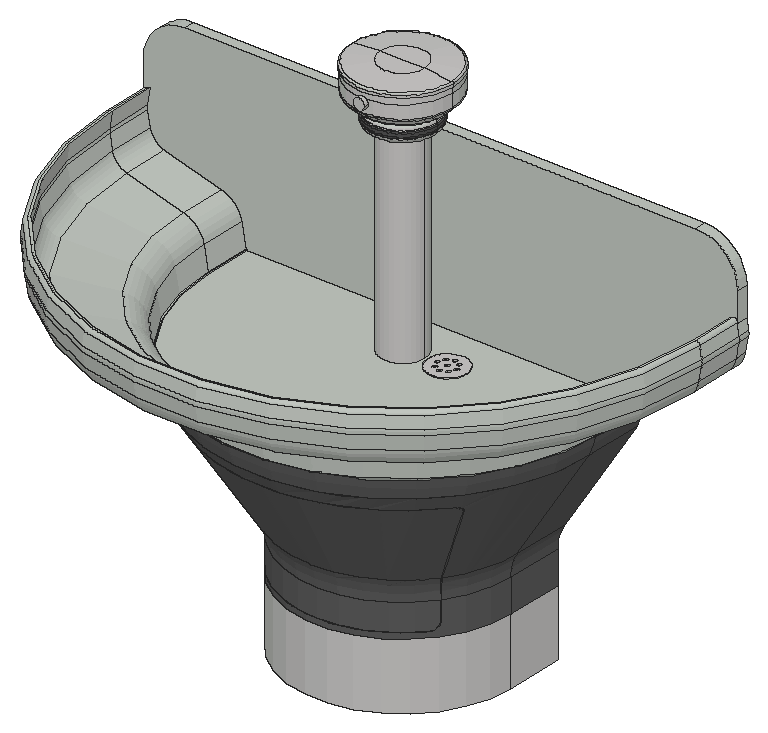
Revit family "Washfountain_Lavatory-Bradley_Corp-TDB3104-Type_B_Drain", category Plumbing Fixtures, Revit 2012 (continued)
Automatic sketch dimensions
  Masking region 10 sketch curve to Masking region 10 sketch curve = 0.05237"
  Masking region 10 sketch curve to Masking region 10 sketch curve = 0.04824"
  curve 76 to Masking region 10 sketch curve = 0.37547"
  Masking region 10 sketch curve to Masking region 10 sketch curve = 0.1256"
  Masking region 10 sketch curve to curve 76 = 6.000"
  Masking region 10 sketch curve to Masking region 10 sketch curve = 1.14812"
  Masking region 10 sketch curve to Masking region 10 sketch curve = 0.60673"
  Masking region 10 sketch curve to Masking region 10 sketch curve = 1.250"  (x3)
  Masking region 10 sketch curve to Masking region 10 sketch curve = 0.62453"
  Revolve 21 sketch curve to curve 93 = 0.000"
  curve 93 to Revolve 21 sketch curve = 2.34747"
  curve 93 to Revolve 21 sketch curve = 17.3806"
  Revolve 21 sketch curve to Revolve 21 sketch curve = 0.8244"
  curve 93 to Revolve 21 sketch curve = 4.14039"
  Revolve 21 sketch curve to Revolve 21 sketch curve = 0.6261"
  curve 93 to Revolve 21 sketch curve = 3.69531"
  Revolve 21 sketch curve to Revolve 21 sketch curve = 0.44508"
  Revolve 21 sketch curve to Revolve 21 sketch curve = 0.46258"
  Revolve 21 sketch curve to Revolve 21 sketch curve = 2.66242"
  Revolve 21 sketch curve to Revolve 21 sketch curve = 0.000"  (x2)
  Revolve 21 sketch curve to Revolve 21 sketch curve = 0.05225"
  Revolve 21 sketch curve to Revolve 21 sketch curve = 0.49985"
  Revolve 21 sketch curve to Revolve 21 sketch curve = 0.64475"
  curve 93 to Revolve 22 sketch curve = 0.33431"
  curve 93 to Revolve 22 sketch curve = 17.3806"
  Revolve 22 sketch curve to Revolve 22 sketch curve = 0.0755"
  curve 93 to Revolve 22 sketch curve = 0.19977"
  Revolve 22 sketch curve to Revolve 22 sketch curve = 0.12394"
  curve 93 to Revolve 22 sketch curve = 2.4951"
  Revolve 22 sketch curve to Revolve 22 sketch curve = 0.07322"  (x2)
  Revolve 22 sketch curve to Revolve 22 sketch curve = 0.17678"  (x2)
  Revolve 22 sketch curve to Revolve 22 sketch curve = 0.60355"
  Revolve 22 sketch curve to Revolve 22 sketch curve = 0.52145"
  Revolve 22 sketch curve to Revolve 22 sketch curve = 0.090"  (x2)
  Revolve 22 sketch curve to Revolve 22 sketch curve = 0.00375"  (x2)
  Revolve 22 sketch curve to Revolve 22 sketch curve = 0.345"  (x2)
  Revolve 22 sketch curve to curve 93 = 0.00105"
  Revolve 22 sketch curve to Revolve 22 sketch curve = 2.44356"
  Revolve 22 sketch curve to Revolve 22 sketch curve = 2.008"
  Revolve 22 sketch curve to Revolve 22 sketch curve = 0.000"  (x2)
  Revolve 22 sketch curve to Revolve 22 sketch curve = 0.59145"
  Revolve 22 sketch curve to Revolve 22 sketch curve = 0.11758"
  Revolve 22 sketch curve to Revolve 22 sketch curve = 0.3125"
  Revolve 22 sketch curve to Revolve 22 sketch curve = 0.10008"
  Revolve 22 sketch curve to Revolve 22 sketch curve = 0.780"
  Revolve 22 sketch curve to Revolve 22 sketch curve = 0.23564"
  Revolve 22 sketch curve to Revolve 22 sketch curve = 1.250"
  curve 78 to Extrusion 24 sketch curve = 17.88289"
  Extrusion 24 sketch curve to Extrusion 24 sketch curve = 0.30809"  (x2)
  Extrusion 24 sketch curve to Extrusion 24 sketch curve = 11.61805"
  Masking region 12 sketch curve to curve 76 = 0.000"
  curve 76 to Masking region 12 sketch curve = 0.06766"
  curve 76 to Masking region 12 sketch curve = 0.24582"
  Masking region 12 sketch curve to Masking region 12 sketch curve = 4.00418"
  Masking region 12 sketch curve to Masking region 12 sketch curve = 3.89922"
  Masking region 12 sketch curve to Masking region 12 sketch curve = 0.36971"
  curve 76 to Masking region 12 sketch curve = 6.000"
  Masking region 12 sketch curve to curve 76 = 6.000"
  Masking region 12 sketch curve to curve 76 = 8.336"
  Revolve 26 sketch curve to plane 3 "Center (Left/Right)" = 0.000"  (x2)
  Revolve 26 sketch curve to plane 3 "Center (Left/Right)" = 5.80902"
  Revolve 26 sketch curve to Revolve 26 sketch curve = 0.30809"
  plane 8 "Sensor Module" to Revolve 26 sketch curve = 1.125"
  plane 7 "Soap Dispenser" to Revolve 26 sketch curve = 2.000"
  Masking region 13 sketch curve to curve 78 = 0.000"
  curve 78 to Masking region 13 sketch curve = 17.82127"
  Masking region 13 sketch curve to Masking region 13 sketch curve = 0.36971"  (x2)
  Masking region 13 sketch curve to Masking region 13 sketch curve = 3.80902"  (x2)
  Masking region 13 sketch curve to Masking region 13 sketch curve = 4.000"
  Masking region 13 sketch curve to Masking region 13 sketch curve = 2.336"
  curve 78 to Masking region 14 sketch curve = 0.0051"
  curve 78 to Masking region 14 sketch curve = 1.000"
  Masking region 14 sketch curve to Masking region 14 sketch curve = 0.12469"
  Masking region 14 sketch curve to Masking region 14 sketch curve = 0.04799"  (x2)
  Masking region 14 sketch curve to Masking region 14 sketch curve = 0.05262"  (x4)
  Masking region 14 sketch curve to Masking region 14 sketch curve = 0.06777"  (x2)
  Masking region 14 sketch curve to Masking region 14 sketch curve = 1.97625"
  Masking region 14 sketch curve to Masking region 14 sketch curve = 1.96945"
  Masking region 14 sketch curve to Masking region 14 sketch curve = 1.83957"
  Masking region 14 sketch curve to Masking region 14 sketch curve = 4.000"
  Masking region 14 sketch curve to Masking region 14 sketch curve = 1.85542"
  Masking region 14 sketch curve to Masking region 14 sketch curve = 2.18569"
  Masking region 14 sketch curve to Masking region 14 sketch curve = 1.9536"
  Masking region 14 sketch curve to Masking region 14 sketch curve = 0.1256"
  Masking region 14 sketch curve to Masking region 14 sketch curve = 0.64327"
  curve 78 to Masking region 14 sketch curve = 1.64327"
  Masking region 14 sketch curve to Masking region 14 sketch curve = 1.250"  (x6)
  Masking region 14 sketch curve to Masking region 14 sketch curve = 0.60673"  (x2)
  Masking region 14 sketch curve to Masking region 14 sketch curve = 0.69646"
  Masking region 14 sketch curve to Masking region 14 sketch curve = 1.19222"
  Masking region 14 sketch curve to Masking region 14 sketch curve = 1.63954"
  Masking region 14 sketch curve to Masking region 14 sketch curve = 0.64012"
  curve 78 to curve 86 = 0.375"
  curve 78 to curve 86 = 17.84438"
  curve 86 to curve 87 = 0.1256"
  curve 87 to curve 88 = 0.04799"
  curve 88 to curve 89 = 0.05262"
  curve 89 to curve 90 = 0.05262"
  curve 90 to curve 91 = 0.06777"
  curve 91 to curve 92 = 3.80902"
  curve 92 to curve 92 = 4.000"
  curve 92 to curve 91 = 3.82464"
  curve 91 to curve 90 = 0.05216"
  curve 90 to curve 89 = 0.05262"
  curve 89 to curve 88 = 0.05262"
  curve 88 to curve 87 = 0.04799"
  curve 87 to curve 86 = 0.1256"
  curve 87 to curve 86 = 0.625"
  curve 88 to curve 87 = 0.64327"
  curve 89 to curve 88 = 1.250"
  curve 90 to curve 89 = 1.250"
  curve 91 to curve 90 = 1.250"
  curve 92 to curve 91 = 0.60673"
  curve 117 to curve 123 = 6.03209"
  curve 117 to curve 123 = 0.1374"
  curve 122 to curve 120 = 1.91103"
  curve 118 to plane 11 "Pedestal Height" = 4.11066"
  curve 120 to curve 121 = 3.37372"
  curve 121 to curve 118 = 0.4143"
  curve 123 to curve 118 = 0.32395"
  curve 122 to curve 118 = 8.23389"
  curve 121 to curve 122 = 1.64456"
  curve 121 to curve 121 = 0.15272"
  curve 75 to curve 126 = 14.06648"
  curve 38 to curve 37 = 0.48269"
  curve 28 to curve 32 = 2.97915"
  curve 32 to curve 32 = 3.28041"
  plane 3 "Center (Left/Right)" to curve 36 = 7.33372"
  curve 128 to curve 87 = 0.08709"
  curve 87 to curve 129 = 0.08709"
  Extrusion 18 sketch curve to Extrusion 18 sketch curve = 2.250"
  curve 26 to Extrusion 18 = 0.000"  (x3)
  curve 130 to Extrusion 18 = 2.60156"
  curve 130 to curve 130 = 1.000"
  Extrusion 18 to curve 130 = 1.95703"
  curve 27 to Extrusion 19 = 0.000"  (x3)
  curve 131 to Extrusion 19 = 2.60156"
  curve 131 to curve 131 = 1.000"
  Extrusion 19 to curve 131 = 1.95703"
  curve 115 to curve 125 = 0.750"
  curve 115 to curve 116 = 13.81241"
  curve 115 to curve 116 = 13.97075"
  curve 116 to curve 125 = 7.08673"
  curve 115 to curve 116 = 13.19587"
  curve 116 to curve 116 = 0.80228"
  curve 132 to curve 116 = 3.000"
  Extrusion 27 sketch curve to plane 3 "Center (Left/Right)" = 0.000"
  plane 1 "Center (Front/Back)" to Extrusion 27 sketch curve = 5.250"
  Masking region 21 sketch curve to plane 1 "Center (Front/Back)" = 0.000"
  Masking region 21 sketch curve to plane 3 "Center (Left/Right)" = 0.000"
  Masking region 21 sketch curve to plane 5 "Right" = 0.0193"
  Masking region 21 sketch curve to Masking region 21 sketch curve = 5.250"
  Masking region 22 sketch curve to plane 3 "Center (Left/Right)" = 0.000"
  plane 1 "Center (Front/Back)" to Masking region 22 sketch curve = 0.6745"
  Masking region 22 sketch curve to Masking region 22 sketch curve = 4.5755"
  Masking region 23 sketch curve to plane 3 "Center (Left/Right)" = 3.52868"
  Masking region 23 sketch curve to plane 3 "Center (Left/Right)" = 9.02868"
  Masking region 23 sketch curve to plane 3 "Center (Left/Right)" = 0.06458"
  Masking region 23 sketch curve to Masking region 23 sketch curve = 2.000"  (x3)
  plane 3 "Center (Left/Right)" to Masking region 23 sketch curve = 0.06458"
  plane 3 "Center (Left/Right)" to Masking region 23 sketch curve = 3.52868"
  plane 1 "Center (Front/Back)" to Masking region 23 sketch curve = 2.11186"  (x2)
  Masking region 23 sketch curve to Masking region 23 sketch curve = 3.4641"
  Masking region 23 sketch curve to Masking region 23 sketch curve = 3.57574"
  Masking region 23 sketch curve to Masking region 23 sketch curve = 0.11164"  (x2)
  Masking region 23 sketch curve to plane 3 "Center (Left/Right)" = 0.000"
  plane 1 "Center (Front/Back)" to Masking region 23 sketch curve = 5.250"
  plane 1 "Center (Front/Back)" to Masking region 23 sketch curve = 2.04741"
  curve 151 to plane 3 "Center (Left/Right)" = 1.58013"
  plane 1 "Center (Front/Back)" to curve 151 = 2.98686"
  curve 151 to plane 3 "Center (Left/Right)" = 7.08013"
  curve 151 to curve 151 = 9.52628"
  curve 152 to plane 3 "Center (Left/Right)" = 0.06458"
  plane 1 "Center (Front/Back)" to curve 152 = 2.11186"
  curve 152 to curve 151 = 1.51554"
  curve 152 to curve 151 = 0.875"
  plane 3 "Center (Left/Right)" to curve 153 = 0.06458"
  plane 1 "Center (Front/Back)" to curve 153 = 2.11186"
  plane 3 "Center (Left/Right)" to curve 153 = 5.56458"
  curve 153 to curve 152 = 0.000"
  plane 1 "Center (Front/Back)" to curve 154 = 2.98686"
  curve 154 to curve 153 = 1.51554"
  plane 3 "Center (Left/Right)" to curve 154 = 1.58013"
  curve 153 to curve 154 = 0.875"
  Masking region 24 sketch curve to plane 3 "Center (Left/Right)" = 6.17873"
  plane 1 "Center (Front/Back)" to Masking region 24 sketch curve = 3.06766"
  Masking region 24 sketch curve to plane 3 "Center (Left/Right)" = 0.000"
  Masking region 24 sketch curve to Masking region 24 sketch curve = 2.27254"
  plane 1 "Center (Front/Back)" to curve 155 = 3.06766"
  curve 155 to curve 155 = 2.27254"
  curve 156 to plane 3 "Center (Left/Right)" = 0.000"
  curve 156 to curve 156 = 4.17808"
  curve 157 to curve 156 = 2.27254"
  Masking region 15 sketch curve to curve 93 = 0.000"
  curve 93 to Masking region 15 sketch curve = 17.3806"
  Masking region 15 sketch curve to Masking region 15 sketch curve = 0.8244"  (x3)
  curve 93 to Masking region 15 sketch curve = 4.64024"
  Masking region 15 sketch curve to Masking region 15 sketch curve = 0.6261"  (x2)
  curve 93 to Masking region 15 sketch curve = 3.69531"  (x2)
  Masking region 15 sketch curve to Masking region 15 sketch curve = 0.44508"  (x2)
  Masking region 15 sketch curve to Masking region 15 sketch curve = 0.46258"
  curve 93 to Masking region 15 sketch curve = 5.10281"
  Masking region 15 sketch curve to Masking region 15 sketch curve = 0.67992"  (x2)
  Masking region 15 sketch curve to Masking region 15 sketch curve = 4.000"
  Masking region 15 sketch curve to Masking region 15 sketch curve = 0.66242"
  curve 93 to Masking region 15 sketch curve = 4.14039"
  curve 93 to Masking region 15 sketch curve = 2.34747"
  Masking region 15 sketch curve to Masking region 15 sketch curve = 0.49985"  (x2)
  Masking region 15 sketch curve to Masking region 15 sketch curve = 0.96851"
  Masking region 15 sketch curve to Masking region 15 sketch curve = 0.52344"
  curve 93 to Masking region 25 sketch curve = 19.9561"
  Masking region 25 sketch curve to Masking region 25 sketch curve = 4.000"
  curve 93 to Masking region 25 sketch curve = 13.414"
  Masking region 25 sketch curve to Masking region 25 sketch curve = 8.31119"
  Masking region 26 sketch curve to plane 9 "Spray Head" = 1.40781"
  plane 1 "Center (Front/Back)" to Masking region 26 sketch curve = 7.250"
  plane 1 "Center (Front/Back)" to Masking region 26 sketch curve = 3.250"
  Masking region 26 sketch curve to Masking region 26 sketch curve = 8.31119"
  curve 78 to Extrusion 23 sketch curve = 0.375"  (x2)
  curve 78 to Extrusion 23 sketch curve = 17.84438"
  Extrusion 23 sketch curve to Extrusion 23 sketch curve = 0.1256"  (x2)
  Extrusion 23 sketch curve to Extrusion 23 sketch curve = 0.04799"  (x2)
  Extrusion 23 sketch curve to Extrusion 23 sketch curve = 0.05262"  (x4)
  Extrusion 23 sketch curve to Extrusion 23 sketch curve = 0.06777"  (x2)
  Extrusion 23 sketch curve to curve 78 = 0.000"
  Extrusion 23 sketch curve to Extrusion 23 sketch curve = 1.97754"
  Extrusion 23 sketch curve to Extrusion 23 sketch curve = 2.0248"  (x2)
  Extrusion 23 sketch curve to Extrusion 23 sketch curve = 7.56845"
  Extrusion 23 sketch curve to Extrusion 23 sketch curve = 0.39386"
  Extrusion 23 sketch curve to Extrusion 23 sketch curve = 0.60673"  (x2)
  Extrusion 23 sketch curve to Extrusion 23 sketch curve = 1.250"  (x6)
  Extrusion 23 sketch curve to Extrusion 23 sketch curve = 0.625"
  Extrusion 23 sketch curve to Extrusion 23 sketch curve = 0.64327"
  curve 163 to plane 13 = 0.000"
  curve 78 to plane 1 "Center (Front/Back)" = 0.000"
  curve 78 to plane 4 "Left" = 0.000"
  curve 163 to plane 4 "Left" = 0.000"
  plane 4 "Left" to curve 78 = 3.000"
  curve 163 to curve 163 = 5.000"
  curve 76 to curve 163 = 2.3402"
  Revolve 25 sketch curve to curve 163 = 0.000"
  curve 163 to Revolve 25 sketch curve = 15.84438"
  Revolve 25 sketch curve to Revolve 25 sketch curve = 0.1256"
  Revolve 25 sketch curve to Revolve 25 sketch curve = 0.04799"
  Revolve 25 sketch curve to Revolve 25 sketch curve = 0.05262"  (x2)
  Revolve 25 sketch curve to Revolve 25 sketch curve = 0.06777"
  Revolve 25 sketch curve to Revolve 25 sketch curve = 1.97754"
  Revolve 25 sketch curve to Revolve 25 sketch curve = 2.0248"
  Revolve 25 sketch curve to Revolve 25 sketch curve = 4.17808"
  Revolve 25 sketch curve to Revolve 25 sketch curve = 0.000"
  Revolve 25 sketch curve to Revolve 25 sketch curve = 4.31808"
  Revolve 25 sketch curve to Revolve 25 sketch curve = 0.60673"
  Revolve 25 sketch curve to Revolve 25 sketch curve = 1.250"  (x2)
  Revolve 25 sketch curve to Revolve 25 sketch curve = 0.64327"
  Revolve 25 sketch curve to curve 163 = 3.000"
  curve 123 to curve 123 = 0.88737"
  curve 121 to curve 119 = 0.80829"
  curve 76 to curve 79 = 0.06766"
  curve 76 to curve 84 = 0.06766"
  curve 76 to curve 80 = 0.06766"
  curve 76 to curve 83 = 0.06766"
  curve 76 to curve 81 = 0.06766"
  curve 76 to curve 82 = 0.06766"
  curve 76 to curve 85 = 0.24582"
  curve 85 to curve 85 = 4.00418"
  curve 85 to curve 84 = 3.89922"
  curve 84 to curve 83 = 0.06777"
  curve 83 to curve 82 = 0.05262"
  curve 82 to curve 81 = 0.05237"
  curve 81 to curve 79 = 0.13532"
  curve 79 to curve 80 = 0.03851"
  curve 85 to curve 76 = 6.000"
  curve 85 to curve 84 = 0.60673"
  curve 84 to curve 83 = 1.250"
  curve 83 to curve 82 = 1.250"
  curve 82 to curve 81 = 1.250"
  curve 79 to curve 76 = 1.000"
  curve 76 to curve 80 = 0.37547"
  curve 75 to curve 126 = 13.80112"
  curve 126 to curve 126 = 6.43074"
  curve 75 to curve 126 = 11.80099"
  curve 126 to curve 126 = 0.51104"
  curve 70 to curve 74 = 0.000"
  curve 71 to curve 74 = 0.000"
  curve 74 to curve 70 = 16.43542"
  curve 70 to curve 72 = 3.56458"
  curve 72 to curve 73 = 4.000"
  curve 73 to curve 71 = 3.56458"
  curve 72 to curve 72 = 12.56207"
  curve 73 to curve 71 = 1.1875"
  curve 72 to curve 70 = 1.1875"
  curve 164 to curve 74 = 0.000"
  curve 165 to curve 74 = 0.000"
  curve 166 to curve 72 = 0.000"
  curve 72 to curve 164 = 0.000"
  curve 73 to curve 167 = 0.000"
  curve 165 to curve 73 = 0.000"
  curve 165 to curve 73 = 0.500"
  curve 70 to curve 171 = 1.06293"
  curve 169 to curve 168 = 0.500"
  curve 167 to curve 167 = 0.6875"
  curve 166 to curve 166 = 0.6875"
  Extrusion 28 sketch curve to plane 3 "Center (Left/Right)" = 5.45295"
  Extrusion 28 sketch curve to plane 3 "Center (Left/Right)" = 0.06458"
  plane 1 "Center (Front/Back)" to Extrusion 28 sketch curve = 2.11186"  (x2)
  Extrusion 28 sketch curve to Extrusion 28 sketch curve = 0.11164"  (x2)
  plane 3 "Center (Left/Right)" to Extrusion 28 sketch curve = 0.06458"
  plane 1 "Center (Front/Back)" to Extrusion 28 sketch curve = 2.04741"
  Extrusion 28 sketch curve to plane 3 "Center (Left/Right)" = 0.000"
  Extrusion 28 sketch curve to plane 13 = 0.0902"
  Extrusion 28 sketch curve to Extrusion 28 sketch curve = 2.000"
  Masking region 6 sketch curve to curve 23 = 0.000"  (x2)
  curve 23 to Masking region 6 sketch curve = 1.375"  (x2)
  Masking region 6 sketch curve to curve 23 = 27.16612"
  Masking region 6 sketch curve to Masking region 6 sketch curve = 1.94856"  (x2)
  Masking region 6 sketch curve to Masking region 6 sketch curve = 3.4641"
  Masking region 6 sketch curve to Masking region 6 sketch curve = 3.56458"  (x2)
  Masking region 6 sketch curve to Masking region 6 sketch curve = 4.000"  (x2)
  Masking region 6 sketch curve to curve 23 = 14.625"
  Masking region 6 sketch curve to Masking region 6 sketch curve = 13.250"
  Masking region 6 sketch curve to Masking region 6 sketch curve = 0.6875"
  Masking region 6 sketch curve to Masking region 6 sketch curve = 0.000"
  Masking region 6 sketch curve to Masking region 6 sketch curve = 1.000"
  Masking region 6 sketch curve to Masking region 6 sketch curve = 5.08013"  (x2)
  Masking region 6 sketch curve to curve 23 = 4.396"
  Masking region 11 sketch curve to curve 77 = 0.000"  (x2)
  curve 77 to Masking region 11 sketch curve = 2.11186"
  Masking region 11 sketch curve to curve 77 = 1.750"
  curve 77 to Masking region 11 sketch curve = 2.250"  (x2)
  Masking region 11 sketch curve to Masking region 11 sketch curve = 5.26314"
  Masking region 11 sketch curve to curve 77 = 1.375"
  Masking region 11 sketch curve to Masking region 11 sketch curve = 1.125"
  Masking region 11 sketch curve to curve 77 = 4.396"
  curve 77 to Masking region 11 sketch curve = 14.625"
  Masking region 11 sketch curve to Masking region 11 sketch curve = 0.6875"
  curve 77 to Masking region 11 sketch curve = 15.3125"
  Masking region 11 sketch curve to Masking region 11 sketch curve = 1.13814"
  Masking region 11 sketch curve to Masking region 11 sketch curve = 1.000"
  Masking region 11 sketch curve to Masking region 11 sketch curve = 2.000"
  curve 55 to curve 41 = 0.000"
  curve 42 to curve 41 = 1.375"
  curve 41 to curve 42 = 15.10875"
  curve 45 to curve 68 = 0.000"
  curve 42 to curve 64 = 0.97689"
  curve 65 to curve 64 = 0.000"  (x2)
  curve 42 to curve 56 = 1.19195"
  curve 56 to curve 57 = 0.55422"
  curve 58 to curve 41 = 0.28075"
  curve 57 to curve 58 = 0.55422"
  curve 58 to curve 57 = 0.10867"
  curve 45 to curve 68 = 2.750"
  curve 59 to curve 68 = 0.41612"
  curve 59 to curve 59 = 0.10867"
  curve 59 to curve 59 = 0.55422"  (x2)
  curve 58 to curve 55 = 0.72769"
  curve 44 to curve 54 = 1.52868"
  curve 55 to curve 43 = 0.41987"
  curve 54 to curve 46 = 1.93542"
  curve 47 to curve 48 = 0.12917"
  curve 48 to curve 51 = 1.51554"
  curve 51 to curve 55 = 0.41987"
  curve 48 to curve 54 = 1.93542"
  curve 55 to curve 61 = 0.6198"
  curve 61 to curve 61 = 0.10868"
  curve 61 to curve 61 = 0.55428"
  curve 54 to curve 49 = 1.52868"
  curve 69 to curve 60 = 0.30835"
  curve 69 to curve 67 = 0.97815"
  curve 66 to curve 67 = 0.000"  (x2)
  curve 49 to curve 69 = 2.750"
  curve 63 to curve 41 = 0.28109"
  curve 69 to curve 63 = 0.45004"
  curve 63 to curve 63 = 0.55428"  (x2)
  curve 63 to curve 63 = 0.10868"
  curve 69 to curve 53 = 2.750"
  curve 58 to curve 57 = 0.04026"
  curve 61 to curve 61 = 0.04027"
  curve 62 to curve 69 = 1.09391"
  curve 69 to curve 67 = 2.59985"
  curve 42 to curve 64 = 2.60219"
  curve 66 to curve 66 = 2.000"
  curve 67 to curve 66 = 0.000"
  curve 64 to curve 65 = 2.000"
  curve 64 to curve 65 = 0.000"
  curve 66 to curve 69 = 6.90015"
  curve 64 to curve 68 = 7.14781"
  curve 69 to curve 49 = 1.750"
  curve 68 to curve 45 = 1.500"
  curve 49 to curve 49 = 0.6875"
  curve 136 to curve 77 = 0.000"
  curve 77 to curve 133 = 2.11186"
  curve 136 to curve 77 = 2.01314"
  curve 133 to curve 144 = 1.13814"
  curve 134 to curve 77 = 0.88814"
  curve 141 to curve 77 = 0.8822"
  curve 141 to curve 142 = 0.39728"
  curve 141 to curve 77 = 0.16493"
  curve 77 to curve 140 = 0.15505"
  curve 77 to curve 139 = 0.8067"
  curve 77 to curve 144 = 2.250"
  curve 144 to curve 138 = 1.625"
  curve 142 to curve 77 = 0.28075"
  curve 142 to curve 138 = 2.19381"
  curve 143 to curve 143 = 0.31998"  (x2)
  curve 143 to curve 143 = 0.39728"
  curve 138 to curve 134 = 4.76314"
  curve 141 to curve 141 = 0.17192"
  curve 143 to curve 137 = 0.48399"
  curve 77 to curve 139 = 3.97656"
  curve 77 to curve 139 = 4.97656"
  curve 77 to curve 138 = 12.875"
  curve 138 to curve 134 = 1.750"
  curve 133 to curve 144 = 0.6875"
  curve 133 to curve 144 = 0.000"
  curve 127 to plane 10 "Rim Height" = 0.000"
  curve 146 to plane 3 "Center (Left/Right)" = 0.000"
  curve 161 to plane 3 "Center (Left/Right)" = 0.000"
  plane 11 "Pedestal Height" to curve 146 = 1.2109"  (x2)
  curve 146 to plane 5 "Right" = 7.26529"
  curve 161 to curve 146 = 0.15796"
  curve 127 to plane 5 "Right" = 0.19211"
  plane 4 "Left" to curve 127 = 0.19211"
  curve 146 to curve 162 = 2.89551"
  curve 161 to curve 146 = 142.79964"
  curve 124 to plane 1 "Center (Front/Back)" = 0.000"
  curve 145 to plane 6 "Towel Dispenser" = 0.000"
  curve 145 to plane 13 = 2.0902"
  plane 13 to curve 145 = 1.9098"
  curve 111 to plane 9 "Spray Head" = 0.44508"
  plane 13 to curve 111 = 2.9448"
  curve 111 to curve 111 = 0.090"
  plane 13 to curve 124 = 9.6598"
  level to curve 124 = 6.020"
  curve 117 to plane 12 = 10.9722"
  curve 122 to curve 123 = 1.80577"
  plane 13 to Masking region 9 sketch curve = 9.6598"
  Masking region 9 sketch curve to plane 12 = 10.10815"
  plane 7 "Soap Dispenser" to curve 161 = 99.72413"
  Extrusion 8 sketch curve to plane 3 "Center (Left/Right)" = 0.000"
  Extrusion 8 sketch curve to plane 13 = 0.0902"
  plane 4 "Left" to Extrusion 8 sketch curve = 9.50758"
  Extrusion 8 sketch curve to plane 13 = 0.09385"
  plane 3 "Center (Left/Right)" to Extrusion 8 sketch curve = 4.000"
  plane 1 "Center (Front/Back)" to Extrusion 8 sketch curve = 0.99695"
  curve 148 to curve 159 = 0.000"  (x2)
  curve 172 to curve 173 = 0.000"  (x2)
  curve 172 to curve 174 = 0.000"  (x2)
  curve 148 to plane 3 "Center (Left/Right)" = 0.000"
  curve 172 to plane 13 = 0.09385"
  curve 160 to plane 13 = 0.0902"
  curve 160 to plane 5 "Right" = 10.57205"
  curve 150 to plane 5 "Right" = 0.5193"
  curve 147 to plane 5 "Right" = 0.0193"
  plane 4 "Left" to curve 147 = 0.0193"
  plane 1 "Center (Front/Back)" to curve 149 = 0.99695"
  curve 177 to plane 13 = 0.09385"
  curve 181 to plane 13 = 0.09385"
  plane 3 "Center (Left/Right)" to curve 177 = 4.87771"
  curve 177 to curve 178 = 0.25708"
  curve 177 to curve 176 = 0.25708"
  curve 176 to curve 172 = 0.62063"
  curve 176 to curve 175 = 0.62063"
  curve 178 to curve 179 = 0.62063"
  curve 179 to curve 180 = 0.62063"
  curve 175 to curve 182 = 0.62063"
  curve 182 to curve 181 = 0.25708"
  curve 175 to curve 172 = 0.87771"
  curve 176 to curve 177 = 0.62063"
  curve 182 to curve 181 = 0.62063"
  plane 13 to curve 178 = 0.52678"
  plane 13 to curve 180 = 0.52678"
  curve 180 to curve 179 = 0.25708"
  Split face 3 sketch curve to cut or joined group of Extrusion 23, Revolve 25 = 0.000"  (x3)
  Revolve 31 sketch curve to curve 163 = 0.000"
  Revolve 31 sketch curve to Revolve 31 sketch curve = 0.000"
  curve 163 to Revolve 31 sketch curve = 1.000"
  Revolve 31 sketch curve to Revolve 31 sketch curve = 6.11711"
  Revolve 31 sketch curve to Revolve 31 sketch curve = 0.06162"
  Revolve 31 sketch curve to Revolve 31 sketch curve = 1.09645"
  Revolve 31 sketch curve to curve 163 = 1.30227"
  Extrusion 32 sketch curve to curve 163 = 0.000"
  curve 163 to Extrusion 32 sketch curve = 15.82127"
  Extrusion 32 sketch curve to Extrusion 32 sketch curve = 0.06162"  (x2)
  Extrusion 32 sketch curve to Extrusion 32 sketch curve = 12.23423"
  curve 93 to Extrusion 33 sketch curve = 1.45871"
  curve 93 to Extrusion 33 sketch curve = 21.9561"
  curve 93 to Extrusion 34 sketch curve = 1.45871"
  curve 93 to Extrusion 34 sketch curve = 21.9561"
  curve 104 to Masking region 27 sketch curve = 0.95871"
  Masking region 27 sketch curve to curve 104 = 4.91915"
  Masking region 27 sketch curve to Masking region 27 sketch curve = 0.34365"
  Masking region 27 sketch curve to Masking region 27 sketch curve = 1.000"
  curve 104 to Masking region 28 sketch curve = 1.20871"
  Masking region 28 sketch curve to curve 104 = 4.5755"
  Masking region 28 sketch curve to Masking region 28 sketch curve = 0.0755"
  Masking region 28 sketch curve to Masking region 28 sketch curve = 0.500"
  curve 104 to plane 4 "Left" = 0.000"
  curve 93 to plane 13 = 0.0902"
  plane 4 "Left" to curve 93 = 5.0439"
  curve 183 to plane 3 "Center (Left/Right)" = 4.221"
  plane 3 "Center (Left/Right)" to curve 183 = 4.779"
  plane 1 "Center (Front/Back)" to curve 104 = 1.250"
  plane 12 to curve 183 = 12.16265"
  curve 183 to curve 184 = 1.45871"
  curve 183 to curve 184 = 4.221"
  curve 185 to plane 3 "Center (Left/Right)" = 0.000"
  curve 185 to plane 13 = 0.0902"
  plane 3 "Center (Left/Right)" to Extrusion 30 sketch curve = 1.500"
  plane 3 "Center (Left/Right)" to Extrusion 30 sketch curve = 0.500"
  Extrusion 30 sketch curve to Extrusion 30 sketch curve = 2.000"
  curve 93 to curve 94 = 2.34747"
  curve 93 to curve 94 = 17.3806"
  curve 93 to curve 95 = 0.56995"
  curve 94 to curve 95 = 0.0755"
  curve 94 to curve 100 = 1.4505"
  curve 101 to curve 100 = 0.000"
  curve 100 to curve 99 = 0.090"
  curve 101 to curve 98 = 0.090"
  curve 98 to curve 97 = 1.035"
  curve 96 to curve 97 = 0.000"  (x2)
  curve 97 to curve 97 = 4.000"
  curve 97 to curve 98 = 1.035"
  curve 99 to curve 98 = 0.000"
  curve 99 to curve 103 = 0.090"
  curve 98 to curve 102 = 0.090"
  curve 96 to curve 95 = 2.500"
  curve 95 to curve 94 = 0.0755"
  curve 96 to curve 94 = 0.8244"
  curve 97 to curve 96 = 0.52344"
  curve 101 to curve 97 = 0.44508"
  curve 99 to curve 98 = 0.49985"
  Extrusion 29 sketch curve to plane 3 "Center (Left/Right)" = 0.000"
  level to Extrusion 30 sketch curve = 7.000"
  radius of Extrusion 14 sketch curve to Extrusion 8 = 0.000"
  radius of Extrusion 14 sketch curve to Extrusion 8 = 1.5658"
  radius of Extrusion 14 sketch curve = 0.1842"  (x8)
  radius of curve 22 to Extrusion 14 = 0.40649"
  radius of Extrusion 15 sketch curve = 2.000"
  radius of Extrusion 17 sketch curve = 2.000"
  radius of Extrusion 27 sketch curve = 2.000"
  radius of Extrusion 8 sketch curve = 1.750"
  radius of curve 172 = 1.750"
  radius of curve 173 = 1.34351"
  radius of curve 174 = 0.1842"
  radius of curve 182 = 0.1842"
  radius of curve 175 = 0.1842"
  radius of curve 176 = 0.1842"
  radius of curve 177 = 0.1842"
  radius of curve 178 = 0.1842"
  radius of curve 179 = 0.1842"
  radius of curve 180 = 0.1842"
  radius of curve 181 = 0.1842"
  radius of Extrusion 33 sketch curve = 0.500"
  radius of Extrusion 34 sketch curve = 0.250"
  radius of curve 184 = 0.500"
  radius of curve 185 = 3.750"
Connectors (in)
  piping at (-0.875, -4, 47.414), driven by "Hot Lavatory Inlet Radius", driven by "HWFU"
    settings: on Extrusion 29, index 1, connector radius 1/4", flow factor 0, pipe flow 0.0 GPM, pressure drop 0.0 psi, fitting loss kfactor 0, connector angle 0.00°, fixture units 0, engagement length 0.000", flow configuration 3, flow direction 1, fitting loss method 0, system type 19, joint type 0, gender type 0, connector reference index -1, connector utility 0, adjustable connector no, is connector primary yes, fitting loss table "", connector description "Hot Lavatory Inlet"
  piping at (0.875, -4, 47.414), driven by "Cold Lavatory Inlet Radius", driven by "CWFU"
    settings: on Extrusion 29, index 2, connector radius 1/4", flow factor 0, pipe flow 0.0 GPM, pressure drop 0.0 psi, fitting loss kfactor 0, connector angle 0.00°, fixture units 0, engagement length 0.000", flow configuration 3, flow direction 1, fitting loss method 0, system type 20, joint type 0, gender type 0, connector reference index -1, connector utility 0, adjustable connector no, is connector primary no, fitting loss table "", connector description "Cold Lavatory Inlet"
  piping at (-4, -5.25, 0), driven by "Drain Radius", driven by "WFU"
    settings: on Extrusion 35, index 3, connector radius 1", flow factor 0, pipe flow 0.0 GPM, pressure drop 0.0 psi, fitting loss kfactor 0, connector angle 0.00°, fixture units 0, engagement length 0.000", flow configuration 3, flow direction 2, fitting loss method 0, system type 16, joint type 0, gender type 0, connector reference index -1, connector utility 0, adjustable connector yes, is connector primary no, fitting loss table "", connector description "Drain"
  piping at (0, -5.25, 47.414), driven by "Vent Radius", driven by "WFU"
    settings: on Extrusion 29, index 4, connector radius 3/4", flow factor 0, pipe flow 0.0 GPM, pressure drop 0.0 psi, fitting loss kfactor 0, connector angle 0.00°, fixture units 0, engagement length 0.000", flow configuration 3, flow direction 2, fitting loss method 0, system type 16, joint type 0, gender type 0, connector reference index -1, connector utility 0, adjustable connector yes, is connector primary no, fitting loss table "", connector description "Vent"
  electrical at (1, 0, 8), driven by "Voltage"
    settings: on Extrusion 30, index 5, voltage 110 V, apparent load 0 VA, apparent load phase1 0 VA, apparent load phase2 0 VA, apparent load phase3 0 VA, power factor 1, load classification "Other", number of poles 1, system type 31, power factor state 1, is connector primary yes, connector utility no, sub classification motor no, connector description ""
Types (3): name | Towel Dispenser Height | Supply Height | Standard Height | Spray Head Height | Soap Dispenser Height | Sensor Module Height | Rim Height | Model ID | Juvenile Height
  (no name) | 51.810" | 47.414" | yes | 43.719" | 55.750" | 47.414" | 34.000" | 2 | no
  Juvenile | 47.810" | 43.414" | no | 39.719" | 51.250" | 43.414" | 30.000" | 1 | yes
  Standard | 51.810" | 47.414" | yes | 43.719" | 55.750" | 47.414" | 34.000" | 2 | no
